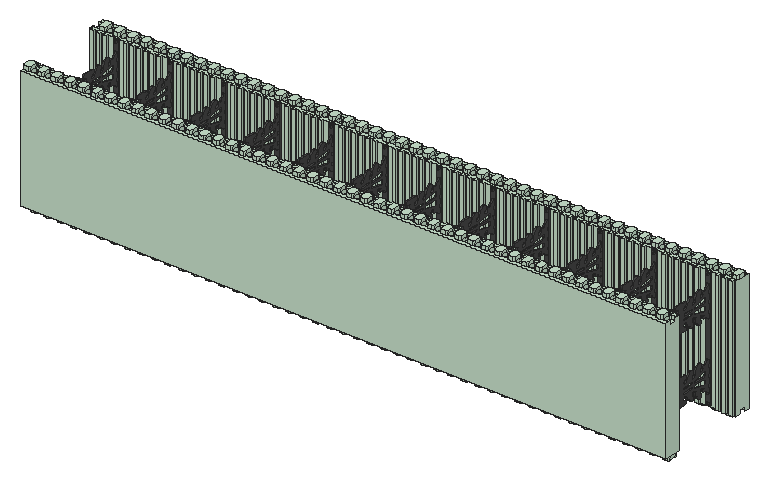
Revit family (continued)
Forms (in)
  Extrusion 156, void
    sketch origin (74, 2, 0) x (1, 0, 0) y (0, 1, 0)
      loop
        arc (1, 3.97692) -> (1.04785, 3.82983) -> (1.17308, 3.73905) r 0.25
        arc (1.17308, 3.73905) -> (1.42092, 3.69045) -> (1.67323, 3.70172) r 1.0625
        arc (1.67323, 3.70172) -> (1.72385, 3.68771) -> (1.74592, 3.64005) r 0.0625
        line (1.74592, 3.64005) -> (1.74592, 3.41845) -> (1.91675, 3.41845) -> (1.91675, 3.76455)
        arc (1.91675, 3.76455) -> (1.92106, 3.78736) -> (1.9334, 3.80702) r 0.0625
        arc (1.9334, 3.80702) -> (1.98276, 3.88568) -> (2, 3.97692) r 0.25
        line (2, 3.97692) -> (2, 4.89808)
        arc (2, 4.89808) -> (1.95215, 5.04517) -> (1.82692, 5.13595) r 0.25
        arc (1.82692, 5.13595) -> (1.5, 5.1875) -> (1.17308, 5.13595) r 1.0625
        arc (1.17308, 5.13595) -> (1.04785, 5.04517) -> (1, 4.89808) r 0.25
    from 0 to 0.5
  Extrusion 157, void
    sketch origin (72, 2, 0) x (1, 0, 0) y (0, 1, 0)
      loop
        line (1, 4.89808) -> (1, 3.97692)
        arc (1, 3.97692) -> (1.04785, 3.82983) -> (1.17308, 3.73905) r 0.25
        arc (1.17308, 3.73905) -> (1.42092, 3.69045) -> (1.67323, 3.70172) r 1.0625
        arc (1.67323, 3.70172) -> (1.72385, 3.68771) -> (1.74592, 3.64005) r 0.0625
        line (1.74592, 3.64005) -> (1.74592, 3.41845) -> (1.91675, 3.41845) -> (1.91675, 3.76455)
        arc (1.91675, 3.76455) -> (1.92106, 3.78736) -> (1.9334, 3.80702) r 0.0625
        arc (1.9334, 3.80702) -> (1.98276, 3.88568) -> (2, 3.97692) r 0.25
        line (2, 3.97692) -> (2, 4.89808)
        arc (2, 4.89808) -> (1.95215, 5.04517) -> (1.82692, 5.13595) r 0.25
        arc (1.82692, 5.13595) -> (1.5, 5.1875) -> (1.17308, 5.13595) r 1.0625
        arc (1.17308, 5.13595) -> (1.04785, 5.04517) -> (1, 4.89808) r 0.25
    from 0 to 0.5
  Extrusion 158, void
    sketch origin (70, 2, 0) x (1, 0, 0) y (0, 1, 0)
      loop
        line (1, 4.89808) -> (1, 3.97692)
        arc (1, 3.97692) -> (1.04785, 3.82983) -> (1.17308, 3.73905) r 0.25
        arc (1.17308, 3.73905) -> (1.42092, 3.69045) -> (1.67323, 3.70172) r 1.0625
        arc (1.67323, 3.70172) -> (1.72385, 3.68771) -> (1.74592, 3.64005) r 0.0625
        line (1.74592, 3.64005) -> (1.74592, 3.41845) -> (1.91675, 3.41845) -> (1.91675, 3.76455)
        arc (1.91675, 3.76455) -> (1.92106, 3.78736) -> (1.9334, 3.80702) r 0.0625
        arc (1.9334, 3.80702) -> (1.98276, 3.88568) -> (2, 3.97692) r 0.25
        line (2, 3.97692) -> (2, 4.89808)
        arc (2, 4.89808) -> (1.95215, 5.04517) -> (1.82692, 5.13595) r 0.25
        arc (1.82692, 5.13595) -> (1.5, 5.1875) -> (1.17308, 5.13595) r 1.0625
        arc (1.17308, 5.13595) -> (1.04785, 5.04517) -> (1, 4.89808) r 0.25
    from 0 to 0.5
  Extrusion 159, void
    sketch origin (68, 2, 0) x (1, 0, 0) y (0, 1, 0)
      loop
        line (1, 4.89808) -> (1, 3.97692)
        arc (1, 3.97692) -> (1.04785, 3.82983) -> (1.17308, 3.73905) r 0.25
        arc (1.17308, 3.73905) -> (1.42092, 3.69045) -> (1.67323, 3.70172) r 1.0625
        arc (1.67323, 3.70172) -> (1.72385, 3.68771) -> (1.74592, 3.64005) r 0.0625
        line (1.74592, 3.64005) -> (1.74592, 3.41845) -> (1.91675, 3.41845) -> (1.91675, 3.76455)
        arc (1.91675, 3.76455) -> (1.92106, 3.78736) -> (1.9334, 3.80702) r 0.0625
        arc (1.9334, 3.80702) -> (1.98276, 3.88568) -> (2, 3.97692) r 0.25
        line (2, 3.97692) -> (2, 4.89808)
        arc (2, 4.89808) -> (1.95215, 5.04517) -> (1.82692, 5.13595) r 0.25
        arc (1.82692, 5.13595) -> (1.5, 5.1875) -> (1.17308, 5.13595) r 1.0625
        arc (1.17308, 5.13595) -> (1.04785, 5.04517) -> (1, 4.89808) r 0.25
    from 0 to 0.5
  Extrusion 160, void
    sketch origin (66, 2, 0) x (1, 0, 0) y (0, 1, 0)
      loop
        line (1, 4.89808) -> (1, 3.97692)
        arc (1, 3.97692) -> (1.04785, 3.82983) -> (1.17308, 3.73905) r 0.25
        arc (1.17308, 3.73905) -> (1.42092, 3.69045) -> (1.67323, 3.70172) r 1.0625
        arc (1.67323, 3.70172) -> (1.72385, 3.68771) -> (1.74592, 3.64005) r 0.0625
        line (1.74592, 3.64005) -> (1.74592, 3.41845) -> (1.91675, 3.41845) -> (1.91675, 3.76455)
        arc (1.91675, 3.76455) -> (1.92106, 3.78736) -> (1.9334, 3.80702) r 0.0625
        arc (1.9334, 3.80702) -> (1.98276, 3.88568) -> (2, 3.97692) r 0.25
        line (2, 3.97692) -> (2, 4.89808)
        arc (2, 4.89808) -> (1.95215, 5.04517) -> (1.82692, 5.13595) r 0.25
        arc (1.82692, 5.13595) -> (1.5, 5.1875) -> (1.17308, 5.13595) r 1.0625
        arc (1.17308, 5.13595) -> (1.04785, 5.04517) -> (1, 4.89808) r 0.25
    from 0 to 0.5
  Extrusion 161, void
    sketch origin (64, 2, 0) x (1, 0, 0) y (0, 1, 0)
      loop
        line (1, 4.89808) -> (1, 3.97692)
        arc (1, 3.97692) -> (1.04785, 3.82983) -> (1.17308, 3.73905) r 0.25
        arc (1.17308, 3.73905) -> (1.42092, 3.69045) -> (1.67323, 3.70172) r 1.0625
        arc (1.67323, 3.70172) -> (1.72385, 3.68771) -> (1.74592, 3.64005) r 0.0625
        line (1.74592, 3.64005) -> (1.74592, 3.41845) -> (1.91675, 3.41845) -> (1.91675, 3.76455)
        arc (1.91675, 3.76455) -> (1.92106, 3.78736) -> (1.9334, 3.80702) r 0.0625
        arc (1.9334, 3.80702) -> (1.98276, 3.88568) -> (2, 3.97692) r 0.25
        line (2, 3.97692) -> (2, 4.89808)
        arc (2, 4.89808) -> (1.95215, 5.04517) -> (1.82692, 5.13595) r 0.25
        arc (1.82692, 5.13595) -> (1.5, 5.1875) -> (1.17308, 5.13595) r 1.0625
        arc (1.17308, 5.13595) -> (1.04785, 5.04517) -> (1, 4.89808) r 0.25
    from 0 to 0.5
  Extrusion 162, void
    sketch origin (62, 2, 0) x (1, 0, 0) y (0, 1, 0)
      loop
        line (1, 4.89808) -> (1, 3.97692)
        arc (1, 3.97692) -> (1.04785, 3.82983) -> (1.17308, 3.73905) r 0.25
        arc (1.17308, 3.73905) -> (1.42092, 3.69045) -> (1.67323, 3.70172) r 1.0625
        arc (1.67323, 3.70172) -> (1.72385, 3.68771) -> (1.74592, 3.64005) r 0.0625
        line (1.74592, 3.64005) -> (1.74592, 3.41845) -> (1.91675, 3.41845) -> (1.91675, 3.76455)
        arc (1.91675, 3.76455) -> (1.92106, 3.78736) -> (1.9334, 3.80702) r 0.0625
        arc (1.9334, 3.80702) -> (1.98276, 3.88568) -> (2, 3.97692) r 0.25
        line (2, 3.97692) -> (2, 4.89808)
        arc (2, 4.89808) -> (1.95215, 5.04517) -> (1.82692, 5.13595) r 0.25
        arc (1.82692, 5.13595) -> (1.5, 5.1875) -> (1.17308, 5.13595) r 1.0625
        arc (1.17308, 5.13595) -> (1.04785, 5.04517) -> (1, 4.89808) r 0.25
    from 0 to 0.5
  Extrusion 163, void
    sketch origin (60, 2, 0) x (1, 0, 0) y (0, 1, 0)
      loop
        line (1, 4.89808) -> (1, 3.97692)
        arc (1, 3.97692) -> (1.04785, 3.82983) -> (1.17308, 3.73905) r 0.25
        arc (1.17308, 3.73905) -> (1.42092, 3.69045) -> (1.67323, 3.70172) r 1.0625
        arc (1.67323, 3.70172) -> (1.72385, 3.68771) -> (1.74592, 3.64005) r 0.0625
        line (1.74592, 3.64005) -> (1.74592, 3.41845) -> (1.91675, 3.41845) -> (1.91675, 3.76455)
        arc (1.91675, 3.76455) -> (1.92106, 3.78736) -> (1.9334, 3.80702) r 0.0625
        arc (1.9334, 3.80702) -> (1.98276, 3.88568) -> (2, 3.97692) r 0.25
        line (2, 3.97692) -> (2, 4.89808)
        arc (2, 4.89808) -> (1.95215, 5.04517) -> (1.82692, 5.13595) r 0.25
        arc (1.82692, 5.13595) -> (1.5, 5.1875) -> (1.17308, 5.13595) r 1.0625
        arc (1.17308, 5.13595) -> (1.04785, 5.04517) -> (1, 4.89808) r 0.25
    from 0 to 0.5
  Extrusion 164, void
    sketch origin (58, 2, 0) x (1, 0, 0) y (0, 1, 0)
      loop
        line (1, 4.89808) -> (1, 3.97692)
        arc (1, 3.97692) -> (1.04785, 3.82983) -> (1.17308, 3.73905) r 0.25
        arc (1.17308, 3.73905) -> (1.42092, 3.69045) -> (1.67323, 3.70172) r 1.0625
        arc (1.67323, 3.70172) -> (1.72385, 3.68771) -> (1.74592, 3.64005) r 0.0625
        line (1.74592, 3.64005) -> (1.74592, 3.41845) -> (1.91675, 3.41845) -> (1.91675, 3.76455)
        arc (1.91675, 3.76455) -> (1.92106, 3.78736) -> (1.9334, 3.80702) r 0.0625
        arc (1.9334, 3.80702) -> (1.98276, 3.88568) -> (2, 3.97692) r 0.25
        line (2, 3.97692) -> (2, 4.89808)
        arc (2, 4.89808) -> (1.95215, 5.04517) -> (1.82692, 5.13595) r 0.25
        arc (1.82692, 5.13595) -> (1.5, 5.1875) -> (1.17308, 5.13595) r 1.0625
        arc (1.17308, 5.13595) -> (1.04785, 5.04517) -> (1, 4.89808) r 0.25
    from 0 to 0.5
  Extrusion 165, void
    sketch origin (56, 2, 0) x (1, 0, 0) y (0, 1, 0)
      loop
        line (1, 4.89808) -> (1, 3.97692)
        arc (1, 3.97692) -> (1.04785, 3.82983) -> (1.17308, 3.73905) r 0.25
        arc (1.17308, 3.73905) -> (1.42092, 3.69045) -> (1.67323, 3.70172) r 1.0625
        arc (1.67323, 3.70172) -> (1.72385, 3.68771) -> (1.74592, 3.64005) r 0.0625
        line (1.74592, 3.64005) -> (1.74592, 3.41845) -> (1.91675, 3.41845) -> (1.91675, 3.76455)
        arc (1.91675, 3.76455) -> (1.92106, 3.78736) -> (1.9334, 3.80702) r 0.0625
        arc (1.9334, 3.80702) -> (1.98276, 3.88568) -> (2, 3.97692) r 0.25
        line (2, 3.97692) -> (2, 4.89808)
        arc (2, 4.89808) -> (1.95215, 5.04517) -> (1.82692, 5.13595) r 0.25
        arc (1.82692, 5.13595) -> (1.5, 5.1875) -> (1.17308, 5.13595) r 1.0625
        arc (1.17308, 5.13595) -> (1.04785, 5.04517) -> (1, 4.89808) r 0.25
    from 0 to 0.5
  Extrusion 166, void
    sketch origin (54, 2, 0) x (1, 0, 0) y (0, 1, 0)
      loop
        line (1, 4.89808) -> (1, 3.97692)
        arc (1, 3.97692) -> (1.04785, 3.82983) -> (1.17308, 3.73905) r 0.25
        arc (1.17308, 3.73905) -> (1.42092, 3.69045) -> (1.67323, 3.70172) r 1.0625
        arc (1.67323, 3.70172) -> (1.72385, 3.68771) -> (1.74592, 3.64005) r 0.0625
        line (1.74592, 3.64005) -> (1.74592, 3.41845) -> (1.91675, 3.41845) -> (1.91675, 3.76455)
        arc (1.91675, 3.76455) -> (1.92106, 3.78736) -> (1.9334, 3.80702) r 0.0625
        arc (1.9334, 3.80702) -> (1.98276, 3.88568) -> (2, 3.97692) r 0.25
        line (2, 3.97692) -> (2, 4.89808)
        arc (2, 4.89808) -> (1.95215, 5.04517) -> (1.82692, 5.13595) r 0.25
        arc (1.82692, 5.13595) -> (1.5, 5.1875) -> (1.17308, 5.13595) r 1.0625
        arc (1.17308, 5.13595) -> (1.04785, 5.04517) -> (1, 4.89808) r 0.25
    from 0 to 0.5
  Extrusion 167, void
    sketch origin (52, 2, 0) x (1, 0, 0) y (0, 1, 0)
      loop
        line (1, 4.89808) -> (1, 3.97692)
        arc (1, 3.97692) -> (1.04785, 3.82983) -> (1.17308, 3.73905) r 0.25
        arc (1.17308, 3.73905) -> (1.42092, 3.69045) -> (1.67323, 3.70172) r 1.0625
        arc (1.67323, 3.70172) -> (1.72385, 3.68771) -> (1.74592, 3.64005) r 0.0625
        line (1.74592, 3.64005) -> (1.74592, 3.41845) -> (1.91675, 3.41845) -> (1.91675, 3.76455)
        arc (1.91675, 3.76455) -> (1.92106, 3.78736) -> (1.9334, 3.80702) r 0.0625
        arc (1.9334, 3.80702) -> (1.98276, 3.88568) -> (2, 3.97692) r 0.25
        line (2, 3.97692) -> (2, 4.89808)
        arc (2, 4.89808) -> (1.95215, 5.04517) -> (1.82692, 5.13595) r 0.25
        arc (1.82692, 5.13595) -> (1.5, 5.1875) -> (1.17308, 5.13595) r 1.0625
        arc (1.17308, 5.13595) -> (1.04785, 5.04517) -> (1, 4.89808) r 0.25
    from 0 to 0.5
  Extrusion 168, void
    sketch origin (50, 2, 0) x (1, 0, 0) y (0, 1, 0)
      loop
        line (1, 4.89808) -> (1, 3.97692)
        arc (1, 3.97692) -> (1.04785, 3.82983) -> (1.17308, 3.73905) r 0.25
        arc (1.17308, 3.73905) -> (1.42092, 3.69045) -> (1.67323, 3.70172) r 1.0625
        arc (1.67323, 3.70172) -> (1.72385, 3.68771) -> (1.74592, 3.64005) r 0.0625
        line (1.74592, 3.64005) -> (1.74592, 3.41845) -> (1.91675, 3.41845) -> (1.91675, 3.76455)
        arc (1.91675, 3.76455) -> (1.92106, 3.78736) -> (1.9334, 3.80702) r 0.0625
        arc (1.9334, 3.80702) -> (1.98276, 3.88568) -> (2, 3.97692) r 0.25
        line (2, 3.97692) -> (2, 4.89808)
        arc (2, 4.89808) -> (1.95215, 5.04517) -> (1.82692, 5.13595) r 0.25
        arc (1.82692, 5.13595) -> (1.5, 5.1875) -> (1.17308, 5.13595) r 1.0625
        arc (1.17308, 5.13595) -> (1.04785, 5.04517) -> (1, 4.89808) r 0.25
    from 0 to 0.5
  Extrusion 169, void
    sketch origin (48, 2, 0) x (1, 0, 0) y (0, 1, 0)
      loop
        line (1, 4.89808) -> (1, 3.97692)
        arc (1, 3.97692) -> (1.04785, 3.82983) -> (1.17308, 3.73905) r 0.25
        arc (1.17308, 3.73905) -> (1.42092, 3.69045) -> (1.67323, 3.70172) r 1.0625
        arc (1.67323, 3.70172) -> (1.72385, 3.68771) -> (1.74592, 3.64005) r 0.0625
        line (1.74592, 3.64005) -> (1.74592, 3.41845) -> (1.91675, 3.41845) -> (1.91675, 3.76455)
        arc (1.91675, 3.76455) -> (1.92106, 3.78736) -> (1.9334, 3.80702) r 0.0625
        arc (1.9334, 3.80702) -> (1.98276, 3.88568) -> (2, 3.97692) r 0.25
        line (2, 3.97692) -> (2, 4.89808)
        arc (2, 4.89808) -> (1.95215, 5.04517) -> (1.82692, 5.13595) r 0.25
        arc (1.82692, 5.13595) -> (1.5, 5.1875) -> (1.17308, 5.13595) r 1.0625
        arc (1.17308, 5.13595) -> (1.04785, 5.04517) -> (1, 4.89808) r 0.25
    from 0 to 0.5
  Extrusion 170, void
    sketch origin (46, 2, 0) x (1, 0, 0) y (0, 1, 0)
      loop
        line (1, 4.89808) -> (1, 3.97692)
        arc (1, 3.97692) -> (1.04785, 3.82983) -> (1.17308, 3.73905) r 0.25
        arc (1.17308, 3.73905) -> (1.42092, 3.69045) -> (1.67323, 3.70172) r 1.0625
        arc (1.67323, 3.70172) -> (1.72385, 3.68771) -> (1.74592, 3.64005) r 0.0625
        line (1.74592, 3.64005) -> (1.74592, 3.41845) -> (1.91675, 3.41845) -> (1.91675, 3.76455)
        arc (1.91675, 3.76455) -> (1.92106, 3.78736) -> (1.9334, 3.80702) r 0.0625
        arc (1.9334, 3.80702) -> (1.98276, 3.88568) -> (2, 3.97692) r 0.25
        line (2, 3.97692) -> (2, 4.89808)
        arc (2, 4.89808) -> (1.95215, 5.04517) -> (1.82692, 5.13595) r 0.25
        arc (1.82692, 5.13595) -> (1.5, 5.1875) -> (1.17308, 5.13595) r 1.0625
        arc (1.17308, 5.13595) -> (1.04785, 5.04517) -> (1, 4.89808) r 0.25
    from 0 to 0.5
  Extrusion 171, void
    sketch origin (44, 2, 0) x (1, 0, 0) y (0, 1, 0)
      loop
        line (1, 4.89808) -> (1, 3.97692)
        arc (1, 3.97692) -> (1.04785, 3.82983) -> (1.17308, 3.73905) r 0.25
        arc (1.17308, 3.73905) -> (1.42092, 3.69045) -> (1.67323, 3.70172) r 1.0625
        arc (1.67323, 3.70172) -> (1.72385, 3.68771) -> (1.74592, 3.64005) r 0.0625
        line (1.74592, 3.64005) -> (1.74592, 3.41845) -> (1.91675, 3.41845) -> (1.91675, 3.76455)
        arc (1.91675, 3.76455) -> (1.92106, 3.78736) -> (1.9334, 3.80702) r 0.0625
        arc (1.9334, 3.80702) -> (1.98276, 3.88568) -> (2, 3.97692) r 0.25
        line (2, 3.97692) -> (2, 4.89808)
        arc (2, 4.89808) -> (1.95215, 5.04517) -> (1.82692, 5.13595) r 0.25
        arc (1.82692, 5.13595) -> (1.5, 5.1875) -> (1.17308, 5.13595) r 1.0625
        arc (1.17308, 5.13595) -> (1.04785, 5.04517) -> (1, 4.89808) r 0.25
    from 0 to 0.5
  Extrusion 172, void
    sketch origin (42, 2, 0) x (1, 0, 0) y (0, 1, 0)
      loop
        line (1, 4.89808) -> (1, 3.97692)
        arc (1, 3.97692) -> (1.04785, 3.82983) -> (1.17308, 3.73905) r 0.25
        arc (1.17308, 3.73905) -> (1.42092, 3.69045) -> (1.67323, 3.70172) r 1.0625
        arc (1.67323, 3.70172) -> (1.72385, 3.68771) -> (1.74592, 3.64005) r 0.0625
        line (1.74592, 3.64005) -> (1.74592, 3.41845) -> (1.91675, 3.41845) -> (1.91675, 3.76455)
        arc (1.91675, 3.76455) -> (1.92106, 3.78736) -> (1.9334, 3.80702) r 0.0625
        arc (1.9334, 3.80702) -> (1.98276, 3.88568) -> (2, 3.97692) r 0.25
        line (2, 3.97692) -> (2, 4.89808)
        arc (2, 4.89808) -> (1.95215, 5.04517) -> (1.82692, 5.13595) r 0.25
        arc (1.82692, 5.13595) -> (1.5, 5.1875) -> (1.17308, 5.13595) r 1.0625
        arc (1.17308, 5.13595) -> (1.04785, 5.04517) -> (1, 4.89808) r 0.25
    from 0 to 0.5
  Extrusion 173, void
    sketch origin (40, 2, 0) x (1, 0, 0) y (0, 1, 0)
      loop
        line (1, 4.89808) -> (1, 3.97692)
        arc (1, 3.97692) -> (1.04785, 3.82983) -> (1.17308, 3.73905) r 0.25
        arc (1.17308, 3.73905) -> (1.42092, 3.69045) -> (1.67323, 3.70172) r 1.0625
        arc (1.67323, 3.70172) -> (1.72385, 3.68771) -> (1.74592, 3.64005) r 0.0625
        line (1.74592, 3.64005) -> (1.74592, 3.41845) -> (1.91675, 3.41845) -> (1.91675, 3.76455)
        arc (1.91675, 3.76455) -> (1.92106, 3.78736) -> (1.9334, 3.80702) r 0.0625
        arc (1.9334, 3.80702) -> (1.98276, 3.88568) -> (2, 3.97692) r 0.25
        line (2, 3.97692) -> (2, 4.89808)
        arc (2, 4.89808) -> (1.95215, 5.04517) -> (1.82692, 5.13595) r 0.25
        arc (1.82692, 5.13595) -> (1.5, 5.1875) -> (1.17308, 5.13595) r 1.0625
        arc (1.17308, 5.13595) -> (1.04785, 5.04517) -> (1, 4.89808) r 0.25
    from 0 to 0.5
  Extrusion 174, void
    sketch origin (38, 2, 0) x (1, 0, 0) y (0, 1, 0)
      loop
        line (1, 4.89808) -> (1, 3.97692)
        arc (1, 3.97692) -> (1.04785, 3.82983) -> (1.17308, 3.73905) r 0.25
        arc (1.17308, 3.73905) -> (1.42092, 3.69045) -> (1.67323, 3.70172) r 1.0625
        arc (1.67323, 3.70172) -> (1.72385, 3.68771) -> (1.74592, 3.64005) r 0.0625
        line (1.74592, 3.64005) -> (1.74592, 3.41845) -> (1.91675, 3.41845) -> (1.91675, 3.76455)
        arc (1.91675, 3.76455) -> (1.92106, 3.78736) -> (1.9334, 3.80702) r 0.0625
        arc (1.9334, 3.80702) -> (1.98276, 3.88568) -> (2, 3.97692) r 0.25
        line (2, 3.97692) -> (2, 4.89808)
        arc (2, 4.89808) -> (1.95215, 5.04517) -> (1.82692, 5.13595) r 0.25
        arc (1.82692, 5.13595) -> (1.5, 5.1875) -> (1.17308, 5.13595) r 1.0625
        arc (1.17308, 5.13595) -> (1.04785, 5.04517) -> (1, 4.89808) r 0.25
    from 0 to 0.5
  Extrusion 175, void
    sketch origin (36, 2, 0) x (1, 0, 0) y (0, 1, 0)
      loop
        line (1, 4.89808) -> (1, 3.97692)
        arc (1, 3.97692) -> (1.04785, 3.82983) -> (1.17308, 3.73905) r 0.25
        arc (1.17308, 3.73905) -> (1.42092, 3.69045) -> (1.67323, 3.70172) r 1.0625
        arc (1.67323, 3.70172) -> (1.72385, 3.68771) -> (1.74592, 3.64005) r 0.0625
        line (1.74592, 3.64005) -> (1.74592, 3.41845) -> (1.91675, 3.41845) -> (1.91675, 3.76455)
        arc (1.91675, 3.76455) -> (1.92106, 3.78736) -> (1.9334, 3.80702) r 0.0625
        arc (1.9334, 3.80702) -> (1.98276, 3.88568) -> (2, 3.97692) r 0.25
        line (2, 3.97692) -> (2, 4.89808)
        arc (2, 4.89808) -> (1.95215, 5.04517) -> (1.82692, 5.13595) r 0.25
        arc (1.82692, 5.13595) -> (1.5, 5.1875) -> (1.17308, 5.13595) r 1.0625
        arc (1.17308, 5.13595) -> (1.04785, 5.04517) -> (1, 4.89808) r 0.25
    from 0 to 0.5
  Extrusion 176, void
    sketch origin (34, 2, 0) x (1, 0, 0) y (0, 1, 0)
      loop
        line (1, 4.89808) -> (1, 3.97692)
        arc (1, 3.97692) -> (1.04785, 3.82983) -> (1.17308, 3.73905) r 0.25
        arc (1.17308, 3.73905) -> (1.42092, 3.69045) -> (1.67323, 3.70172) r 1.0625
        arc (1.67323, 3.70172) -> (1.72385, 3.68771) -> (1.74592, 3.64005) r 0.0625
        line (1.74592, 3.64005) -> (1.74592, 3.41845) -> (1.91675, 3.41845) -> (1.91675, 3.76455)
        arc (1.91675, 3.76455) -> (1.92106, 3.78736) -> (1.9334, 3.80702) r 0.0625
        arc (1.9334, 3.80702) -> (1.98276, 3.88568) -> (2, 3.97692) r 0.25
        line (2, 3.97692) -> (2, 4.89808)
        arc (2, 4.89808) -> (1.95215, 5.04517) -> (1.82692, 5.13595) r 0.25
        arc (1.82692, 5.13595) -> (1.5, 5.1875) -> (1.17308, 5.13595) r 1.0625
        arc (1.17308, 5.13595) -> (1.04785, 5.04517) -> (1, 4.89808) r 0.25
    from 0 to 0.5
  Extrusion 177, void
    sketch origin (32, 2, 0) x (1, 0, 0) y (0, 1, 0)
      loop
        line (1, 4.89808) -> (1, 3.97692)
        arc (1, 3.97692) -> (1.04785, 3.82983) -> (1.17308, 3.73905) r 0.25
        arc (1.17308, 3.73905) -> (1.42092, 3.69045) -> (1.67323, 3.70172) r 1.0625
        arc (1.67323, 3.70172) -> (1.72385, 3.68771) -> (1.74592, 3.64005) r 0.0625
        line (1.74592, 3.64005) -> (1.74592, 3.41845) -> (1.91675, 3.41845) -> (1.91675, 3.76455)
        arc (1.91675, 3.76455) -> (1.92106, 3.78736) -> (1.9334, 3.80702) r 0.0625
        arc (1.9334, 3.80702) -> (1.98276, 3.88568) -> (2, 3.97692) r 0.25
        line (2, 3.97692) -> (2, 4.89808)
        arc (2, 4.89808) -> (1.95215, 5.04517) -> (1.82692, 5.13595) r 0.25
        arc (1.82692, 5.13595) -> (1.5, 5.1875) -> (1.17308, 5.13595) r 1.0625
        arc (1.17308, 5.13595) -> (1.04785, 5.04517) -> (1, 4.89808) r 0.25
    from 0 to 0.5
  Extrusion 178, void
    sketch origin (30, 2, 0) x (1, 0, 0) y (0, 1, 0)
      loop
        line (1, 4.89808) -> (1, 3.97692)
        arc (1, 3.97692) -> (1.04785, 3.82983) -> (1.17308, 3.73905) r 0.25
        arc (1.17308, 3.73905) -> (1.42092, 3.69045) -> (1.67323, 3.70172) r 1.0625
        arc (1.67323, 3.70172) -> (1.72385, 3.68771) -> (1.74592, 3.64005) r 0.0625
        line (1.74592, 3.64005) -> (1.74592, 3.41845) -> (1.91675, 3.41845) -> (1.91675, 3.76455)
        arc (1.91675, 3.76455) -> (1.92106, 3.78736) -> (1.9334, 3.80702) r 0.0625
        arc (1.9334, 3.80702) -> (1.98276, 3.88568) -> (2, 3.97692) r 0.25
        line (2, 3.97692) -> (2, 4.89808)
        arc (2, 4.89808) -> (1.95215, 5.04517) -> (1.82692, 5.13595) r 0.25
        arc (1.82692, 5.13595) -> (1.5, 5.1875) -> (1.17308, 5.13595) r 1.0625
        arc (1.17308, 5.13595) -> (1.04785, 5.04517) -> (1, 4.89808) r 0.25
    from 0 to 0.5
  Extrusion 179, void
    sketch origin (28, 2, 0) x (1, 0, 0) y (0, 1, 0)
      loop
        line (1, 4.89808) -> (1, 3.97692)
        arc (1, 3.97692) -> (1.04785, 3.82983) -> (1.17308, 3.73905) r 0.25
        arc (1.17308, 3.73905) -> (1.42092, 3.69045) -> (1.67323, 3.70172) r 1.0625
        arc (1.67323, 3.70172) -> (1.72385, 3.68771) -> (1.74592, 3.64005) r 0.0625
        line (1.74592, 3.64005) -> (1.74592, 3.41845) -> (1.91675, 3.41845) -> (1.91675, 3.76455)
        arc (1.91675, 3.76455) -> (1.92106, 3.78736) -> (1.9334, 3.80702) r 0.0625
        arc (1.9334, 3.80702) -> (1.98276, 3.88568) -> (2, 3.97692) r 0.25
        line (2, 3.97692) -> (2, 4.89808)
        arc (2, 4.89808) -> (1.95215, 5.04517) -> (1.82692, 5.13595) r 0.25
        arc (1.82692, 5.13595) -> (1.5, 5.1875) -> (1.17308, 5.13595) r 1.0625
        arc (1.17308, 5.13595) -> (1.04785, 5.04517) -> (1, 4.89808) r 0.25
    from 0 to 0.5
  Extrusion 180, void
    sketch origin (26, 2, 0) x (1, 0, 0) y (0, 1, 0)
      loop
        line (1, 4.89808) -> (1, 3.97692)
        arc (1, 3.97692) -> (1.04785, 3.82983) -> (1.17308, 3.73905) r 0.25
        arc (1.17308, 3.73905) -> (1.42092, 3.69045) -> (1.67323, 3.70172) r 1.0625
        arc (1.67323, 3.70172) -> (1.72385, 3.68771) -> (1.74592, 3.64005) r 0.0625
        line (1.74592, 3.64005) -> (1.74592, 3.41845) -> (1.91675, 3.41845) -> (1.91675, 3.76455)
        arc (1.91675, 3.76455) -> (1.92106, 3.78736) -> (1.9334, 3.80702) r 0.0625
        arc (1.9334, 3.80702) -> (1.98276, 3.88568) -> (2, 3.97692) r 0.25
        line (2, 3.97692) -> (2, 4.89808)
        arc (2, 4.89808) -> (1.95215, 5.04517) -> (1.82692, 5.13595) r 0.25
        arc (1.82692, 5.13595) -> (1.5, 5.1875) -> (1.17308, 5.13595) r 1.0625
        arc (1.17308, 5.13595) -> (1.04785, 5.04517) -> (1, 4.89808) r 0.25
    from 0 to 0.5
  Extrusion 181, void
    sketch origin (24, 2, 0) x (1, 0, 0) y (0, 1, 0)
      loop
        line (1, 4.89808) -> (1, 3.97692)
        arc (1, 3.97692) -> (1.04785, 3.82983) -> (1.17308, 3.73905) r 0.25
        arc (1.17308, 3.73905) -> (1.42092, 3.69045) -> (1.67323, 3.70172) r 1.0625
        arc (1.67323, 3.70172) -> (1.72385, 3.68771) -> (1.74592, 3.64005) r 0.0625
        line (1.74592, 3.64005) -> (1.74592, 3.41845) -> (1.91675, 3.41845) -> (1.91675, 3.76455)
        arc (1.91675, 3.76455) -> (1.92106, 3.78736) -> (1.9334, 3.80702) r 0.0625
        arc (1.9334, 3.80702) -> (1.98276, 3.88568) -> (2, 3.97692) r 0.25
        line (2, 3.97692) -> (2, 4.89808)
        arc (2, 4.89808) -> (1.95215, 5.04517) -> (1.82692, 5.13595) r 0.25
        arc (1.82692, 5.13595) -> (1.5, 5.1875) -> (1.17308, 5.13595) r 1.0625
        arc (1.17308, 5.13595) -> (1.04785, 5.04517) -> (1, 4.89808) r 0.25
    from 0 to 0.5
  Extrusion 182, void
    sketch origin (22, 2, 0) x (1, 0, 0) y (0, 1, 0)
      loop
        line (1, 4.89808) -> (1, 3.97692)
        arc (1, 3.97692) -> (1.04785, 3.82983) -> (1.17308, 3.73905) r 0.25
        arc (1.17308, 3.73905) -> (1.42092, 3.69045) -> (1.67323, 3.70172) r 1.0625
        arc (1.67323, 3.70172) -> (1.72385, 3.68771) -> (1.74592, 3.64005) r 0.0625
        line (1.74592, 3.64005) -> (1.74592, 3.41845) -> (1.91675, 3.41845) -> (1.91675, 3.76455)
        arc (1.91675, 3.76455) -> (1.92106, 3.78736) -> (1.9334, 3.80702) r 0.0625
        arc (1.9334, 3.80702) -> (1.98276, 3.88568) -> (2, 3.97692) r 0.25
        line (2, 3.97692) -> (2, 4.89808)
        arc (2, 4.89808) -> (1.95215, 5.04517) -> (1.82692, 5.13595) r 0.25
        arc (1.82692, 5.13595) -> (1.5, 5.1875) -> (1.17308, 5.13595) r 1.0625
        arc (1.17308, 5.13595) -> (1.04785, 5.04517) -> (1, 4.89808) r 0.25
    from 0 to 0.5
  Extrusion 183, void
    sketch origin (20, 2, 0) x (1, 0, 0) y (0, 1, 0)
      loop
        line (1, 4.89808) -> (1, 3.97692)
        arc (1, 3.97692) -> (1.04785, 3.82983) -> (1.17308, 3.73905) r 0.25
        arc (1.17308, 3.73905) -> (1.42092, 3.69045) -> (1.67323, 3.70172) r 1.0625
        arc (1.67323, 3.70172) -> (1.72385, 3.68771) -> (1.74592, 3.64005) r 0.0625
        line (1.74592, 3.64005) -> (1.74592, 3.41845) -> (1.91675, 3.41845) -> (1.91675, 3.76455)
        arc (1.91675, 3.76455) -> (1.92106, 3.78736) -> (1.9334, 3.80702) r 0.0625
        arc (1.9334, 3.80702) -> (1.98276, 3.88568) -> (2, 3.97692) r 0.25
        line (2, 3.97692) -> (2, 4.89808)
        arc (2, 4.89808) -> (1.95215, 5.04517) -> (1.82692, 5.13595) r 0.25
        arc (1.82692, 5.13595) -> (1.5, 5.1875) -> (1.17308, 5.13595) r 1.0625
        arc (1.17308, 5.13595) -> (1.04785, 5.04517) -> (1, 4.89808) r 0.25
    from 0 to 0.5
  Extrusion 184, void
    sketch origin (18, 2, 0) x (1, 0, 0) y (0, 1, 0)
      loop
        line (1, 4.89808) -> (1, 3.97692)
        arc (1, 3.97692) -> (1.04785, 3.82983) -> (1.17308, 3.73905) r 0.25
        arc (1.17308, 3.73905) -> (1.42092, 3.69045) -> (1.67323, 3.70172) r 1.0625
        arc (1.67323, 3.70172) -> (1.72385, 3.68771) -> (1.74592, 3.64005) r 0.0625
        line (1.74592, 3.64005) -> (1.74592, 3.41845) -> (1.91675, 3.41845) -> (1.91675, 3.76455)
        arc (1.91675, 3.76455) -> (1.92106, 3.78736) -> (1.9334, 3.80702) r 0.0625
        arc (1.9334, 3.80702) -> (1.98276, 3.88568) -> (2, 3.97692) r 0.25
        line (2, 3.97692) -> (2, 4.89808)
        arc (2, 4.89808) -> (1.95215, 5.04517) -> (1.82692, 5.13595) r 0.25
        arc (1.82692, 5.13595) -> (1.5, 5.1875) -> (1.17308, 5.13595) r 1.0625
        arc (1.17308, 5.13595) -> (1.04785, 5.04517) -> (1, 4.89808) r 0.25
    from 0 to 0.5
  Extrusion 185, void
    sketch origin (16, 2, 0) x (1, 0, 0) y (0, 1, 0)
      loop
        line (1, 4.89808) -> (1, 3.97692)
        arc (1, 3.97692) -> (1.04785, 3.82983) -> (1.17308, 3.73905) r 0.25
        arc (1.17308, 3.73905) -> (1.42092, 3.69045) -> (1.67323, 3.70172) r 1.0625
        arc (1.67323, 3.70172) -> (1.72385, 3.68771) -> (1.74592, 3.64005) r 0.0625
        line (1.74592, 3.64005) -> (1.74592, 3.41845) -> (1.91675, 3.41845) -> (1.91675, 3.76455)
        arc (1.91675, 3.76455) -> (1.92106, 3.78736) -> (1.9334, 3.80702) r 0.0625
        arc (1.9334, 3.80702) -> (1.98276, 3.88568) -> (2, 3.97692) r 0.25
        line (2, 3.97692) -> (2, 4.89808)
        arc (2, 4.89808) -> (1.95215, 5.04517) -> (1.82692, 5.13595) r 0.25
        arc (1.82692, 5.13595) -> (1.5, 5.1875) -> (1.17308, 5.13595) r 1.0625
        arc (1.17308, 5.13595) -> (1.04785, 5.04517) -> (1, 4.89808) r 0.25
    from 0 to 0.5
  Extrusion 186, void
    sketch origin (14, 2, 0) x (1, 0, 0) y (0, 1, 0)
      loop
        line (1, 4.89808) -> (1, 3.97692)
        arc (1, 3.97692) -> (1.04785, 3.82983) -> (1.17308, 3.73905) r 0.25
        arc (1.17308, 3.73905) -> (1.42092, 3.69045) -> (1.67323, 3.70172) r 1.0625
        arc (1.67323, 3.70172) -> (1.72385, 3.68771) -> (1.74592, 3.64005) r 0.0625
        line (1.74592, 3.64005) -> (1.74592, 3.41845) -> (1.91675, 3.41845) -> (1.91675, 3.76455)
        arc (1.91675, 3.76455) -> (1.92106, 3.78736) -> (1.9334, 3.80702) r 0.0625
        arc (1.9334, 3.80702) -> (1.98276, 3.88568) -> (2, 3.97692) r 0.25
        line (2, 3.97692) -> (2, 4.89808)
        arc (2, 4.89808) -> (1.95215, 5.04517) -> (1.82692, 5.13595) r 0.25
        arc (1.82692, 5.13595) -> (1.5, 5.1875) -> (1.17308, 5.13595) r 1.0625
        arc (1.17308, 5.13595) -> (1.04785, 5.04517) -> (1, 4.89808) r 0.25
    from 0 to 0.5
  Extrusion 187, void
    sketch origin (12, 2, 0) x (1, 0, 0) y (0, 1, 0)
      loop
        line (1, 4.89808) -> (1, 3.97692)
        arc (1, 3.97692) -> (1.04785, 3.82983) -> (1.17308, 3.73905) r 0.25
        arc (1.17308, 3.73905) -> (1.42092, 3.69045) -> (1.67323, 3.70172) r 1.0625
        arc (1.67323, 3.70172) -> (1.72385, 3.68771) -> (1.74592, 3.64005) r 0.0625
        line (1.74592, 3.64005) -> (1.74592, 3.41845) -> (1.91675, 3.41845) -> (1.91675, 3.76455)
        arc (1.91675, 3.76455) -> (1.92106, 3.78736) -> (1.9334, 3.80702) r 0.0625
        arc (1.9334, 3.80702) -> (1.98276, 3.88568) -> (2, 3.97692) r 0.25
        line (2, 3.97692) -> (2, 4.89808)
        arc (2, 4.89808) -> (1.95215, 5.04517) -> (1.82692, 5.13595) r 0.25
        arc (1.82692, 5.13595) -> (1.5, 5.1875) -> (1.17308, 5.13595) r 1.0625
        arc (1.17308, 5.13595) -> (1.04785, 5.04517) -> (1, 4.89808) r 0.25
    from 0 to 0.5
  Extrusion 188, void
    sketch origin (10, 2, 0) x (1, 0, 0) y (0, 1, 0)
      loop
        line (1, 4.89808) -> (1, 3.97692)
        arc (1, 3.97692) -> (1.04785, 3.82983) -> (1.17308, 3.73905) r 0.25
        arc (1.17308, 3.73905) -> (1.42092, 3.69045) -> (1.67323, 3.70172) r 1.0625
        arc (1.67323, 3.70172) -> (1.72385, 3.68771) -> (1.74592, 3.64005) r 0.0625
        line (1.74592, 3.64005) -> (1.74592, 3.41845) -> (1.91675, 3.41845) -> (1.91675, 3.76455)
        arc (1.91675, 3.76455) -> (1.92106, 3.78736) -> (1.9334, 3.80702) r 0.0625
        arc (1.9334, 3.80702) -> (1.98276, 3.88568) -> (2, 3.97692) r 0.25
        line (2, 3.97692) -> (2, 4.89808)
        arc (2, 4.89808) -> (1.95215, 5.04517) -> (1.82692, 5.13595) r 0.25
        arc (1.82692, 5.13595) -> (1.5, 5.1875) -> (1.17308, 5.13595) r 1.0625
        arc (1.17308, 5.13595) -> (1.04785, 5.04517) -> (1, 4.89808) r 0.25
    from 0 to 0.5
  Extrusion 189, void
    sketch origin (8, 2, 0) x (1, 0, 0) y (0, 1, 0)
      loop
        line (1, 4.89808) -> (1, 3.97692)
        arc (1, 3.97692) -> (1.04785, 3.82983) -> (1.17308, 3.73905) r 0.25
        arc (1.17308, 3.73905) -> (1.42092, 3.69045) -> (1.67323, 3.70172) r 1.0625
        arc (1.67323, 3.70172) -> (1.72385, 3.68771) -> (1.74592, 3.64005) r 0.0625
        line (1.74592, 3.64005) -> (1.74592, 3.41845) -> (1.91675, 3.41845) -> (1.91675, 3.76455)
        arc (1.91675, 3.76455) -> (1.92106, 3.78736) -> (1.9334, 3.80702) r 0.0625
        arc (1.9334, 3.80702) -> (1.98276, 3.88568) -> (2, 3.97692) r 0.25
        line (2, 3.97692) -> (2, 4.89808)
        arc (2, 4.89808) -> (1.95215, 5.04517) -> (1.82692, 5.13595) r 0.25
        arc (1.82692, 5.13595) -> (1.5, 5.1875) -> (1.17308, 5.13595) r 1.0625
        arc (1.17308, 5.13595) -> (1.04785, 5.04517) -> (1, 4.89808) r 0.25
    from 0 to 0.5
  Extrusion 190, void
    sketch origin (6, 2, 0) x (1, 0, 0) y (0, 1, 0)
      loop
        line (1, 4.89808) -> (1, 3.97692)
        arc (1, 3.97692) -> (1.04785, 3.82983) -> (1.17308, 3.73905) r 0.25
        arc (1.17308, 3.73905) -> (1.42092, 3.69045) -> (1.67323, 3.70172) r 1.0625
        arc (1.67323, 3.70172) -> (1.72385, 3.68771) -> (1.74592, 3.64005) r 0.0625
        line (1.74592, 3.64005) -> (1.74592, 3.41845) -> (1.91675, 3.41845) -> (1.91675, 3.76455)
        arc (1.91675, 3.76455) -> (1.92106, 3.78736) -> (1.9334, 3.80702) r 0.0625
        arc (1.9334, 3.80702) -> (1.98276, 3.88568) -> (2, 3.97692) r 0.25
        line (2, 3.97692) -> (2, 4.89808)
        arc (2, 4.89808) -> (1.95215, 5.04517) -> (1.82692, 5.13595) r 0.25
        arc (1.82692, 5.13595) -> (1.5, 5.1875) -> (1.17308, 5.13595) r 1.0625
        arc (1.17308, 5.13595) -> (1.04785, 5.04517) -> (1, 4.89808) r 0.25
    from 0 to 0.5
  Extrusion 191, void
    sketch origin (4, 2, 0) x (1, 0, 0) y (0, 1, 0)
      loop
        line (1, 4.89808) -> (1, 3.97692)
        arc (1, 3.97692) -> (1.04785, 3.82983) -> (1.17308, 3.73905) r 0.25
        arc (1.17308, 3.73905) -> (1.42092, 3.69045) -> (1.67323, 3.70172) r 1.0625
        arc (1.67323, 3.70172) -> (1.72385, 3.68771) -> (1.74592, 3.64005) r 0.0625
        line (1.74592, 3.64005) -> (1.74592, 3.41845) -> (1.91675, 3.41845) -> (1.91675, 3.76455)
        arc (1.91675, 3.76455) -> (1.92106, 3.78736) -> (1.9334, 3.80702) r 0.0625
        arc (1.9334, 3.80702) -> (1.98276, 3.88568) -> (2, 3.97692) r 0.25
        line (2, 3.97692) -> (2, 4.89808)
        arc (2, 4.89808) -> (1.95215, 5.04517) -> (1.82692, 5.13595) r 0.25
        arc (1.82692, 5.13595) -> (1.5, 5.1875) -> (1.17308, 5.13595) r 1.0625
        arc (1.17308, 5.13595) -> (1.04785, 5.04517) -> (1, 4.89808) r 0.25
    from 0 to 0.5
  Extrusion 192, void
    sketch origin (2, 2, 0) x (1, 0, 0) y (0, 1, 0)
      loop
        line (1, 4.89808) -> (1, 3.97692)
        arc (1, 3.97692) -> (1.04785, 3.82983) -> (1.17308, 3.73905) r 0.25
        arc (1.17308, 3.73905) -> (1.42092, 3.69045) -> (1.67323, 3.70172) r 1.0625
        arc (1.67323, 3.70172) -> (1.72385, 3.68771) -> (1.74592, 3.64005) r 0.0625
        line (1.74592, 3.64005) -> (1.74592, 3.41845) -> (1.91675, 3.41845) -> (1.91675, 3.76455)
        arc (1.91675, 3.76455) -> (1.92106, 3.78736) -> (1.9334, 3.80702) r 0.0625
        arc (1.9334, 3.80702) -> (1.98276, 3.88568) -> (2, 3.97692) r 0.25
        line (2, 3.97692) -> (2, 4.89808)
        arc (2, 4.89808) -> (1.95215, 5.04517) -> (1.82692, 5.13595) r 0.25
        arc (1.82692, 5.13595) -> (1.5, 5.1875) -> (1.17308, 5.13595) r 1.0625
        arc (1.17308, 5.13595) -> (1.04785, 5.04517) -> (1, 4.89808) r 0.25
    from 0 to 0.5
  Extrusion 193, void
    sketch origin (0, 2, 0) x (1, 0, 0) y (0, 1, 0)
      loop
        line (1, 4.89808) -> (1, 3.97692)
        arc (1, 3.97692) -> (1.04785, 3.82983) -> (1.17308, 3.73905) r 0.25
        arc (1.17308, 3.73905) -> (1.42092, 3.69045) -> (1.67323, 3.70172) r 1.0625
        arc (1.67323, 3.70172) -> (1.72385, 3.68771) -> (1.74592, 3.64005) r 0.0625
        line (1.74592, 3.64005) -> (1.74592, 3.41845) -> (1.91675, 3.41845) -> (1.91675, 3.76455)
        arc (1.91675, 3.76455) -> (1.92106, 3.78736) -> (1.9334, 3.80702) r 0.0625
        arc (1.9334, 3.80702) -> (1.98276, 3.88568) -> (2, 3.97692) r 0.25
        line (2, 3.97692) -> (2, 4.89808)
        arc (2, 4.89808) -> (1.95215, 5.04517) -> (1.82692, 5.13595) r 0.25
        arc (1.82692, 5.13595) -> (1.5, 5.1875) -> (1.17308, 5.13595) r 1.0625
        arc (1.17308, 5.13595) -> (1.04785, 5.04517) -> (1, 4.89808) r 0.25
    from 0 to 0.5
Cuts and joins
  Extrusion 2, Extrusion 3, Extrusion 4, Extrusion 5, Extrusion 6, Extrusion 7, Extrusion 8, Extrusion 9, Extrusion 10, Extrusion 11, Extrusion 12, Extrusion 13, Extrusion 14, Extrusion 15, Extrusion 16, Extrusion 17, Extrusion 18, Extrusion 19, Extrusion 20, Extrusion 21, Extrusion 22, Extrusion 23, Extrusion 24, Extrusion 25, Extrusion 26, Extrusion 27, Extrusion 28, Extrusion 29, Extrusion 30, Extrusion 31, Extrusion 32, Extrusion 33, Extrusion 34, Extrusion 35, Extrusion 36, Extrusion 37, Extrusion 38, Extrusion 39, Extrusion 40, Extrusion 41, Extrusion 42, Extrusion 43, Extrusion 44, Extrusion 45, Extrusion 46, Extrusion 47, Extrusion 48, Extrusion 49, Extrusion 50, Extrusion 51, Extrusion 52, Extrusion 53, Extrusion 54, Extrusion 55, Extrusion 56, Extrusion 57, Extrusion 58, Extrusion 59, Extrusion 60, Extrusion 61, Extrusion 62, Extrusion 63, Extrusion 64, Extrusion 65, Extrusion 66, Extrusion 67, Extrusion 68, Extrusion 69, Extrusion 70, Extrusion 71, Extrusion 72, Extrusion 73, Extrusion 74, Extrusion 75, Extrusion 76, Extrusion 77, Extrusion 78, Extrusion 79, Extrusion 80, Extrusion 81, Extrusion 82, Extrusion 83, Extrusion 84, Extrusion 85, Extrusion 86, Extrusion 87, Extrusion 88, Extrusion 89, Extrusion 90, Extrusion 91, Extrusion 92, Extrusion 93, Extrusion 94, Extrusion 95, Extrusion 96, Extrusion 97, Extrusion 98, Extrusion 99, Extrusion 100, Extrusion 101, Extrusion 102, Extrusion 103, Extrusion 104, Extrusion 105, Extrusion 106, Extrusion 107, Extrusion 108, Extrusion 109, Extrusion 110, Extrusion 111, Extrusion 112, Extrusion 113, Extrusion 114, Extrusion 115, Extrusion 116, Extrusion 117, Extrusion 118, Extrusion 119, Extrusion 120, Extrusion 121, Extrusion 122, Extrusion 123, Extrusion 124, Extrusion 125, Extrusion 126, Extrusion 127, Extrusion 128, Extrusion 129, Extrusion 130, Extrusion 131, Extrusion 132, Extrusion 133, Extrusion 134, Extrusion 135, Extrusion 136, Extrusion 137, Extrusion 138, Extrusion 139, Extrusion 140, Extrusion 141, Extrusion 142, Extrusion 143, Extrusion 144, Extrusion 145, Extrusion 146, Extrusion 147, Extrusion 148, Extrusion 149, Extrusion 150, Extrusion 151, Extrusion 152, Extrusion 153, Extrusion 154, Extrusion 155, Extrusion 156, Extrusion 157, Extrusion 158, Extrusion 159, Extrusion 160, Extrusion 161, Extrusion 162, Extrusion 163, Extrusion 164, Extrusion 165, Extrusion 166, Extrusion 167, Extrusion 168, Extrusion 169, Extrusion 170, Extrusion 171, Extrusion 172, Extrusion 173, Extrusion 174, Extrusion 175, Extrusion 176, Extrusion 177, Extrusion 178, Extrusion 179, Extrusion 180, Extrusion 181, Extrusion 182, Extrusion 183, Extrusion 184, Extrusion 185, Extrusion 186, Extrusion 187, Extrusion 188, Extrusion 189, Extrusion 190, Extrusion 191, Extrusion 192, Extrusion 193 cuts Extrusion 1
Lines and regions (in)
  model lines
    curve 1: line (8, -7.625, 18) -> (8, -7.625, 0)
    curve 2: line (88, 7.625, 18) -> (88, 7.625, 0)
    curve 3: line (64, 7.625, 18) -> (64, 7.625, 0)
    curve 4: line (40, 7.625, 18) -> (40, 7.625, 0)
    curve 5: line (16, 7.625, 18) -> (16, 7.625, 0)
Dimensions and locks (in)
  locked: plane 3 "Center (Left/Right)" to plane 4 at 96
  locked: plane 6 to plane 5 at 10
  locked: plane 5 to plane 7 at 2.625
  locked: plane 8 to plane 6 at 2.625
  locked: plane 9 to level at 18
  locked: plane 4 to plane 3 "Center (Left/Right)" at 96
  locked: plane 9 to plane 10 at 0.5
  locked: plane 11 to level at 0.5
  aligned and locked: plane 9 to Extrusion 1
  aligned and locked: Extrusion 1 to plane 3 "Center (Left/Right)"
  aligned and locked: plane 4 to Extrusion 1
  aligned and locked: level to Extrusion 1
  aligned and locked: nested 1 to plane 8
  aligned and locked: plane 10 to nested 111
  aligned and locked: nested 160 to cut or joined group of Extrusion 1, Extrusion 2, Extrusion 3, Extrusion 4, Extrusion 5, Extrusion 6, Extrusion 7, Extrusion 8, Extrusion 9, Extrusion 10, Extrusion 11, Extrusion 12, Extrusion 13, Extrusion 14, Extrusion 15, Extrusion 16, Extrusion 17, Extrusion 18, Extrusion 19, Extrusion 20, Extrusion 21, Extrusion 22, Extrusion 23, Extrusion 24, Extrusion 25, Extrusion 26, Extrusion 27, Extrusion 28, Extrusion 29, Extrusion 30, Extrusion 31, Extrusion 32, Extrusion 33, Extrusion 34, Extrusion 35, Extrusion 36, Extrusion 37, Extrusion 38, Extrusion 39, Extrusion 40, Extrusion 41, Extrusion 42, Extrusion 43, Extrusion 44, Extrusion 45, Extrusion 46, Extrusion 47, Extrusion 48, Extrusion 49, Extrusion 50, Extrusion 51, Extrusion 52, Extrusion 53, Extrusion 54, Extrusion 55, Extrusion 56, Extrusion 57, Extrusion 58, Extrusion 59, Extrusion 60, Extrusion 61, Extrusion 62, Extrusion 63, Extrusion 64, Extrusion 65, Extrusion 66, Extrusion 67, Extrusion 68, Extrusion 69, Extrusion 70, Extrusion 71, Extrusion 72, Extrusion 73, Extrusion 74, Extrusion 75, Extrusion 76, Extrusion 77, Extrusion 78, Extrusion 79, Extrusion 80, Extrusion 81, Extrusion 82, Extrusion 83, Extrusion 84, Extrusion 85, Extrusion 86, Extrusion 87, Extrusion 88, Extrusion 89, Extrusion 90, Extrusion 91, Extrusion 92, Extrusion 93, Extrusion 94, Extrusion 95, Extrusion 96, Extrusion 97, Extrusion 98, Extrusion 99, Extrusion 100, Extrusion 101, Extrusion 102, Extrusion 103, Extrusion 104, Extrusion 105, Extrusion 106, Extrusion 107, Extrusion 108, Extrusion 109, Extrusion 110, Extrusion 111, Extrusion 112, Extrusion 113, Extrusion 114, Extrusion 115, Extrusion 116, Extrusion 117, Extrusion 118, Extrusion 119, Extrusion 120, Extrusion 121, Extrusion 122, Extrusion 123, Extrusion 124, Extrusion 125, Extrusion 126, Extrusion 127, Extrusion 128, Extrusion 129, Extrusion 130, Extrusion 131, Extrusion 132, Extrusion 133, Extrusion 134, Extrusion 135, Extrusion 136, Extrusion 137, Extrusion 138, Extrusion 139, Extrusion 140, Extrusion 141, Extrusion 142, Extrusion 143, Extrusion 144, Extrusion 145, Extrusion 146, Extrusion 147, Extrusion 148, Extrusion 149, Extrusion 150, Extrusion 151, Extrusion 152, Extrusion 153, Extrusion 154, Extrusion 155, Extrusion 156, Extrusion 157, Extrusion 158, Extrusion 159, Extrusion 160, Extrusion 161, Extrusion 162, Extrusion 163, Extrusion 164, Extrusion 165, Extrusion 166, Extrusion 167, Extrusion 168, Extrusion 169, Extrusion 170, Extrusion 171, Extrusion 172, Extrusion 173, Extrusion 174, Extrusion 175, Extrusion 176, Extrusion 177, Extrusion 178, Extrusion 179, Extrusion 180, Extrusion 181, Extrusion 182, Extrusion 183, Extrusion 184, Extrusion 185, Extrusion 186, Extrusion 187, Extrusion 188, Extrusion 189, Extrusion 190, Extrusion 191, Extrusion 192, Extrusion 193
Nested families (in)
  nested 1: "NUDURA Diamond Pattern" at (0, -2, 0), type "NUDURA Diamond Pattern"
  nested 2: "NUDURA Diamond Pattern" at (16, -2, 0), type "NUDURA Diamond Pattern"
  nested 3: "NUDURA Diamond Pattern" at (24, -2, 0), type "NUDURA Diamond Pattern"
  nested 4: "NUDURA Diamond Pattern" at (40, -2, 0), type "NUDURA Diamond Pattern"
  nested 5: "NUDURA Diamond Pattern" at (48, -2, 0), type "NUDURA Diamond Pattern"
  nested 6: "NUDURA Diamond Pattern" at (64, -2, 0), type "NUDURA Diamond Pattern"
  nested 7: "NUDURA Diamond Pattern" at (72, -2, 0), type "NUDURA Diamond Pattern"
  nested 8: "NUDURA Diamond Pattern" at (88, -2, 0), type "NUDURA Diamond Pattern"
  nested 9: "NUDURA Diamond Pattern" at (0, 2, 0), type "NUDURA Diamond Pattern"
  nested 10: "NUDURA Diamond Pattern" at (16, 2, 0), type "NUDURA Diamond Pattern"
  nested 11: "NUDURA Diamond Pattern" at (24, 2, 0), type "NUDURA Diamond Pattern"
  nested 12: "NUDURA Diamond Pattern" at (40, 2, 0), type "NUDURA Diamond Pattern"
  nested 13: "NUDURA Diamond Pattern" at (48, 2, 0), type "NUDURA Diamond Pattern"
  nested 14: "NUDURA Diamond Pattern" at (64, 2, 0), type "NUDURA Diamond Pattern"
  nested 15: "NUDURA Diamond Pattern" at (72, 2, 0), type "NUDURA Diamond Pattern"
  nested 16: "NUDURA Diamond Pattern" at (88, 2, 0), type "NUDURA Diamond Pattern"
  nested 17: "Interlock Tooth" at (0, -2, 0), type "Interlock Tooth"
  nested 18: "Interlock Tooth" at (2, -2, 0), type "Interlock Tooth"
  nested 19: "Interlock Tooth" at (4, -2, 0), type "Interlock Tooth"
  nested 20: "Interlock Tooth" at (6, -2, 0), type "Interlock Tooth"
  nested 21: "Interlock Tooth" at (8, -2, 0), type "Interlock Tooth"
  nested 22: "Interlock Tooth" at (10, -2, 0), type "Interlock Tooth"
  nested 23: "Interlock Tooth" at (12, -2, 0), type "Interlock Tooth"
  nested 24: "Interlock Tooth" at (14, -2, 0), type "Interlock Tooth"
  nested 25: "Interlock Tooth" at (16, -2, 0), type "Interlock Tooth"
  nested 26: "Interlock Tooth" at (18, -2, 0), type "Interlock Tooth"
  nested 27: "Interlock Tooth" at (20, -2, 0), type "Interlock Tooth"
  nested 28: "Interlock Tooth" at (22, -2, 0), type "Interlock Tooth"
  nested 29: "Interlock Tooth" at (24, -2, 0), type "Interlock Tooth"
  nested 30: "Interlock Tooth" at (26, -2, 0), type "Interlock Tooth"
  nested 31: "Interlock Tooth" at (28, -2, 0), type "Interlock Tooth"
  nested 32: "Interlock Tooth" at (30, -2, 0), type "Interlock Tooth"
  nested 33: "Interlock Tooth" at (32, -2, 0), type "Interlock Tooth"
  nested 34: "Interlock Tooth" at (34, -2, 0), type "Interlock Tooth"
  nested 35: "Interlock Tooth" at (36, -2, 0), type "Interlock Tooth"
  nested 36: "Interlock Tooth" at (38, -2, 0), type "Interlock Tooth"
  nested 37: "Interlock Tooth" at (40, -2, 0), type "Interlock Tooth"
  nested 38: "Interlock Tooth" at (42, -2, 0), type "Interlock Tooth"
  nested 39: "Interlock Tooth" at (44, -2, 0), type "Interlock Tooth"
  nested 40: "Interlock Tooth" at (46, -2, 0), type "Interlock Tooth"
  nested 41: "Interlock Tooth" at (48, -2, 0), type "Interlock Tooth"
  nested 42: "Interlock Tooth" at (50, -2, 0), type "Interlock Tooth"
  nested 43: "Interlock Tooth" at (52, -2, 0), type "Interlock Tooth"
  nested 44: "Interlock Tooth" at (54, -2, 0), type "Interlock Tooth"
  nested 45: "Interlock Tooth" at (56, -2, 0), type "Interlock Tooth"
  nested 46: "Interlock Tooth" at (58, -2, 0), type "Interlock Tooth"
  nested 47: "Interlock Tooth" at (60, -2, 0), type "Interlock Tooth"
  nested 48: "Interlock Tooth" at (62, -2, 0), type "Interlock Tooth"
  nested 49: "Interlock Tooth" at (64, -2, 0), type "Interlock Tooth"
  nested 50: "Interlock Tooth" at (66, -2, 0), type "Interlock Tooth"
  nested 51: "Interlock Tooth" at (68, -2, 0), type "Interlock Tooth"
  nested 52: "Interlock Tooth" at (70, -2, 0), type "Interlock Tooth"
  nested 53: "Interlock Tooth" at (72, -2, 0), type "Interlock Tooth"
  nested 54: "Interlock Tooth" at (74, -2, 0), type "Interlock Tooth"
  nested 55: "Interlock Tooth" at (76, -2, 0), type "Interlock Tooth"
  nested 56: "Interlock Tooth" at (78, -2, 0), type "Interlock Tooth"
  nested 57: "Interlock Tooth" at (80, -2, 0), type "Interlock Tooth"
  nested 58: "Interlock Tooth" at (82, -2, 0), type "Interlock Tooth"
  nested 59: "Interlock Tooth" at (84, -2, 0), type "Interlock Tooth"
  nested 60: "Interlock Tooth" at (86, -2, 0), type "Interlock Tooth"
  nested 61: "Interlock Tooth" at (88, -2, 0), type "Interlock Tooth"
  nested 62: "Interlock Tooth" at (90, -2, 0), type "Interlock Tooth"
  nested 63: "Interlock Tooth" at (92, -2, 0), type "Interlock Tooth"
  nested 64: "Interlock Tooth" at (94, -2, 0), type "Interlock Tooth"
  nested 65: "Interlock Tooth" at (1, 10.875, 0), type "Interlock Tooth"
  nested 66: "Interlock Tooth" at (3, 10.875, 0), type "Interlock Tooth"
  nested 67: "Interlock Tooth" at (5, 10.875, 0), type "Interlock Tooth"
  nested 68: "Interlock Tooth" at (7, 10.875, 0), type "Interlock Tooth"
  nested 69: "Interlock Tooth" at (9, 10.875, 0), type "Interlock Tooth"
  nested 70: "Interlock Tooth" at (11, 10.875, 0), type "Interlock Tooth"
  nested 71: "Interlock Tooth" at (13, 10.875, 0), type "Interlock Tooth"
  nested 72: "Interlock Tooth" at (15, 10.875, 0), type "Interlock Tooth"
  nested 73: "Interlock Tooth" at (17, 10.875, 0), type "Interlock Tooth"
  nested 74: "Interlock Tooth" at (19, 10.875, 0), type "Interlock Tooth"
  nested 75: "Interlock Tooth" at (21, 10.875, 0), type "Interlock Tooth"
  nested 76: "Interlock Tooth" at (23, 10.875, 0), type "Interlock Tooth"
  nested 77: "Interlock Tooth" at (25, 10.875, 0), type "Interlock Tooth"
  nested 78: "Interlock Tooth" at (27, 10.875, 0), type "Interlock Tooth"
  nested 79: "Interlock Tooth" at (29, 10.875, 0), type "Interlock Tooth"
  nested 80: "Interlock Tooth" at (31, 10.875, 0), type "Interlock Tooth"
  nested 81: "Interlock Tooth" at (33, 10.875, 0), type "Interlock Tooth"
  nested 82: "Interlock Tooth" at (35, 10.875, 0), type "Interlock Tooth"
  nested 83: "Interlock Tooth" at (37, 10.875, 0), type "Interlock Tooth"
  nested 84: "Interlock Tooth" at (39, 10.875, 0), type "Interlock Tooth"
  nested 85: "Interlock Tooth" at (41, 10.875, 0), type "Interlock Tooth"
  nested 86: "Interlock Tooth" at (43, 10.875, 0), type "Interlock Tooth"
  nested 87: "Interlock Tooth" at (45, 10.875, 0), type "Interlock Tooth"
  nested 88: "Interlock Tooth" at (47, 10.875, 0), type "Interlock Tooth"
  nested 89: "Interlock Tooth" at (49, 10.875, 0), type "Interlock Tooth"
  nested 90: "Interlock Tooth" at (51, 10.875, 0), type "Interlock Tooth"
  nested 91: "Interlock Tooth" at (53, 10.875, 0), type "Interlock Tooth"
  nested 92: "Interlock Tooth" at (55, 10.875, 0), type "Interlock Tooth"
  nested 93: "Interlock Tooth" at (57, 10.875, 0), type "Interlock Tooth"
  nested 94: "Interlock Tooth" at (59, 10.875, 0), type "Interlock Tooth"
  nested 95: "Interlock Tooth" at (61, 10.875, 0), type "Interlock Tooth"
  nested 96: "Interlock Tooth" at (63, 10.875, 0), type "Interlock Tooth"
  nested 97: "Interlock Tooth" at (65, 10.875, 0), type "Interlock Tooth"
  nested 98: "Interlock Tooth" at (67, 10.875, 0), type "Interlock Tooth"
  nested 99: "Interlock Tooth" at (69, 10.875, 0), type "Interlock Tooth"
  nested 100: "Interlock Tooth" at (71, 10.875, 0), type "Interlock Tooth"
  nested 101: "Interlock Tooth" at (73, 10.875, 0), type "Interlock Tooth"
  nested 102: "Interlock Tooth" at (75, 10.875, 0), type "Interlock Tooth"
  nested 103: "Interlock Tooth" at (77, 10.875, 0), type "Interlock Tooth"
  nested 104: "Interlock Tooth" at (79, 10.875, 0), type "Interlock Tooth"
  nested 105: "Interlock Tooth" at (81, 10.875, 0), type "Interlock Tooth"
  nested 106: "Interlock Tooth" at (83, 10.875, 0), type "Interlock Tooth"
  nested 107: "Interlock Tooth" at (85, 10.875, 0), type "Interlock Tooth"
  nested 108: "Interlock Tooth" at (87, 10.875, 0), type "Interlock Tooth"
  nested 109: "Interlock Tooth" at (89, 10.875, 0), type "Interlock Tooth"
  nested 110: "Interlock Tooth" at (91, 10.875, 0), type "Interlock Tooth"
  nested 111: "Interlock Tooth" at (93, 10.875, 0), type "Interlock Tooth"
  nested 112: "Interlock Tooth" at (95, 10.875, 0), type "Interlock Tooth"
  nested 113: "Interlock Tooth" at (1, -10.875, -18.5), type "Interlock Tooth"
  nested 114: "Interlock Tooth" at (3, -10.875, -18.5), type "Interlock Tooth"
  nested 115: "Interlock Tooth" at (5, -10.875, -18.5), type "Interlock Tooth"
  nested 116: "Interlock Tooth" at (7, -10.875, -18.5), type "Interlock Tooth"
  nested 117: "Interlock Tooth" at (9, -10.875, -18.5), type "Interlock Tooth"
  nested 118: "Interlock Tooth" at (11, -10.875, -18.5), type "Interlock Tooth"
  nested 119: "Interlock Tooth" at (13, -10.875, -18.5), type "Interlock Tooth"
  nested 120: "Interlock Tooth" at (15, -10.875, -18.5), type "Interlock Tooth"
  nested 121: "Interlock Tooth" at (17, -10.875, -18.5), type "Interlock Tooth"
  nested 122: "Interlock Tooth" at (19, -10.875, -18.5), type "Interlock Tooth"
  nested 123: "Interlock Tooth" at (21, -10.875, -18.5), type "Interlock Tooth"
  nested 124: "Interlock Tooth" at (23, -10.875, -18.5), type "Interlock Tooth"
  nested 125: "Interlock Tooth" at (25, -10.875, -18.5), type "Interlock Tooth"
  nested 126: "Interlock Tooth" at (27, -10.875, -18.5), type "Interlock Tooth"
  nested 127: "Interlock Tooth" at (29, -10.875, -18.5), type "Interlock Tooth"
  nested 128: "Interlock Tooth" at (31, -10.875, -18.5), type "Interlock Tooth"
  nested 129: "Interlock Tooth" at (33, -10.875, -18.5), type "Interlock Tooth"
  nested 130: "Interlock Tooth" at (35, -10.875, -18.5), type "Interlock Tooth"
  nested 131: "Interlock Tooth" at (37, -10.875, -18.5), type "Interlock Tooth"
  nested 132: "Interlock Tooth" at (39, -10.875, -18.5), type "Interlock Tooth"
  nested 133: "Interlock Tooth" at (41, -10.875, -18.5), type "Interlock Tooth"
  nested 134: "Interlock Tooth" at (43, -10.875, -18.5), type "Interlock Tooth"
  nested 135: "Interlock Tooth" at (45, -10.875, -18.5), type "Interlock Tooth"
  nested 136: "Interlock Tooth" at (47, -10.875, -18.5), type "Interlock Tooth"
  nested 137: "Interlock Tooth" at (49, -10.875, -18.5), type "Interlock Tooth"
  nested 138: "Interlock Tooth" at (51, -10.875, -18.5), type "Interlock Tooth"
  nested 139: "Interlock Tooth" at (53, -10.875, -18.5), type "Interlock Tooth"
  nested 140: "Interlock Tooth" at (55, -10.875, -18.5), type "Interlock Tooth"
  nested 141: "Interlock Tooth" at (57, -10.875, -18.5), type "Interlock Tooth"
  nested 142: "Interlock Tooth" at (59, -10.875, -18.5), type "Interlock Tooth"
  nested 143: "Interlock Tooth" at (61, -10.875, -18.5), type "Interlock Tooth"
  nested 144: "Interlock Tooth" at (63, -10.875, -18.5), type "Interlock Tooth"
  nested 145: "Interlock Tooth" at (65, -10.875, -18.5), type "Interlock Tooth"
  nested 146: "Interlock Tooth" at (67, -10.875, -18.5), type "Interlock Tooth"
  nested 147: "Interlock Tooth" at (69, -10.875, -18.5), type "Interlock Tooth"
  nested 148: "Interlock Tooth" at (71, -10.875, -18.5), type "Interlock Tooth"
  nested 149: "Interlock Tooth" at (73, -10.875, -18.5), type "Interlock Tooth"
  nested 150: "Interlock Tooth" at (75, -10.875, -18.5), type "Interlock Tooth"
  nested 151: "Interlock Tooth" at (77, -10.875, -18.5), type "Interlock Tooth"
  nested 152: "Interlock Tooth" at (79, -10.875, -18.5), type "Interlock Tooth"
  nested 153: "Interlock Tooth" at (81, -10.875, -18.5), type "Interlock Tooth"
  nested 154: "Interlock Tooth" at (83, -10.875, -18.5), type "Interlock Tooth"
  nested 155: "Interlock Tooth" at (85, -10.875, -18.5), type "Interlock Tooth"
  nested 156: "Interlock Tooth" at (87, -10.875, -18.5), type "Interlock Tooth"
  nested 157: "Interlock Tooth" at (89, -10.875, -18.5), type "Interlock Tooth"
  nested 158: "Interlock Tooth" at (91, -10.875, -18.5), type "Interlock Tooth"
  nested 159: "Interlock Tooth" at (93, -10.875, -18.5), type "Interlock Tooth"
  nested 160: "Interlock Tooth" at (95, -10.875, -18.5), type "Interlock Tooth"
  nested 161: "Interlock Tooth" at (0, 2, -18.5), type "Interlock Tooth"
  nested 162: "Interlock Tooth" at (2, 2, -18.5), type "Interlock Tooth"
  nested 163: "Interlock Tooth" at (4, 2, -18.5), type "Interlock Tooth"
  nested 164: "Interlock Tooth" at (6, 2, -18.5), type "Interlock Tooth"
  nested 165: "Interlock Tooth" at (8, 2, -18.5), type "Interlock Tooth"
  nested 166: "Interlock Tooth" at (10, 2, -18.5), type "Interlock Tooth"
  nested 167: "Interlock Tooth" at (12, 2, -18.5), type "Interlock Tooth"
